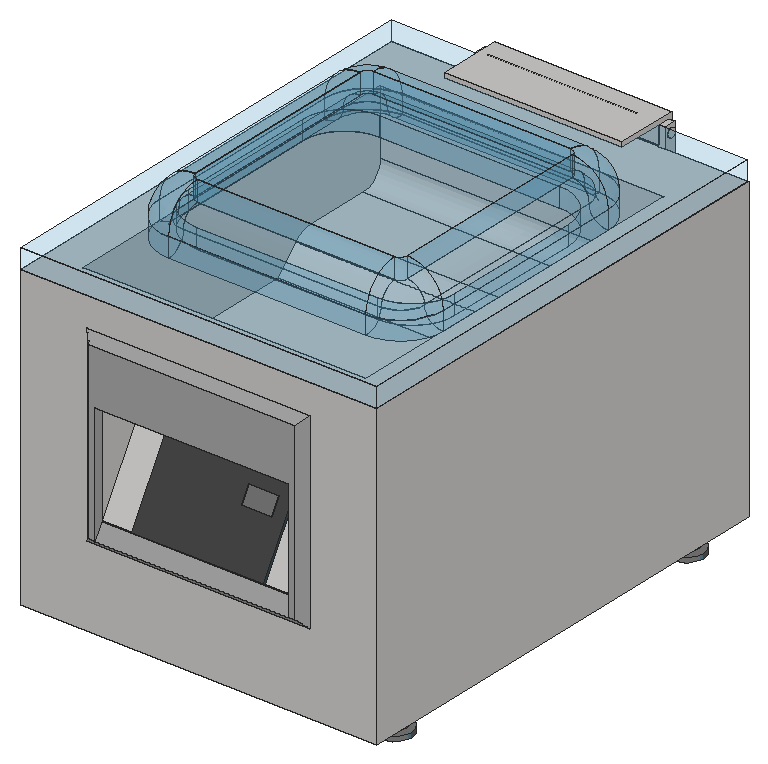
Revit family "QF_ELECTROLUXPROFESSIONAL_602179_EVP12D", category Specialty Equipment, Revit 2018
Family settings
  Round Connector Dimension = Use Diameter
  Part Type = Normal
  Work Plane-Based = No
  Always vertical = Yes
  Cut with Voids When Loaded = No
  Shared = No
  Room Calculation Point = No
Parameters
  Width = 415.0 mm
  Weight = 46.50 kg
  Watts = 0 W
  Volts = 0 V
  URL Manufacturer = ""
  URL = ""
  Steam Supply Size = 0 mm
  Steam Supply Minimum Pressure = 0.0 Pa
  Steam Supply Maximum Pressure = 0.0 Pa
  Steam Pounds per Hour = 0
  Refrigeration Suction Line Size = 0 mm
  Refrigeration Liquid Line Size = 0 mm
  Refrigerant Compressor Remote = yes
  Manufacturer = ""
  Phase = 0
  Model = ""
  Max_Height = 798.0 mm
  Length Actual = 415.0 mm  # constant formula
  Item Number = ""
  Hot Water Size = 0 mm
  Height Actual = 437.0 mm  # constant formula
  Height = 437.0 mm
  HP = "0.9 HP"
  Gas Size = 0 mm
  Gas KW = 0
  Gas Input Pressure = 0 W
  FeetLeft = 425.0 mm
  FeetFront = 356.0 mm
  Feet [instance] = 923.0 mm
  Direct Waste Size = 0 mm
  Description = ""
  Depth Actual = 587.0 mm  # constant formula
  Depth = 587.0 mm
  Cycle = 0 Hz
  Condensate Return Size = 0 mm
  Compressed Air Volume = 0.0 L/s
  Compressed Air Size = 0 mm
  Compressed Air Pressure = 0.0 Pa
  Cold Water Size = 0 mm
  Accessory = yes
Types (2, lengths in mm): name | Volts | URL Manufacturer | URL | Manufacturer | Model | Item Number | Description | Cycle
  (no name) | 0 V | "" | "" | "" | "" | "" | "" | 0 Hz
  Standard | 220 V | "http://professional.electrolux.com" | "http://professional.electrolux.com" | "Electrolux Professional" | "EVP12D" | "602179" | "VACUUM PACKER 12 M3/H, TABLE TOP, DIGITAL DISPLAY" | 60 Hz
Reference planes
  plane 1 "Center (Front/Back)": y = 0
  plane 2: z = 0
  plane 3 "Center (Left/Right)": x = 0
  plane 4 "LEFT": x = -207.5
  plane 5 "RIGHT": x = 207.5
  plane 6 "BACK": y = 285
  plane 7 "FRONT": y = -285
  plane 8 "Feet": z = 923
  plane 9 "TOP": z = 1337
  plane 10 "FeetY_Left": x = -178
  plane 11 "FeetX_Back": y = 212.5
  plane 12 "FeetX_Front": y = -212.5
  plane 13 "FeetY_Right": x = 178
  plane 14 "Cover": z = 1296
  plane 15 "PANEL": through (0, -188.368, 1189.413) normal (0, -0.8594, 0.5113)
  plane 16 "Pipe": y = 302
  plane 17 "PipeX": x = -194.407
  plane 18 "Open_MaxHeight": z = 1698
  plane 19 "Base": z = 900
Forms (mm)
  Revolve 1, solid, material "QF_Finishes_Rubber Black"
    sketch origin (-178, -374, 0) x (0, 1, 0) y (0, 0, 1)
      loop
        line (161.5, 900) -> (161.5, 923) -> (147.459, 923) -> (147.459, 908) -> (141.5, 905) -> (141.5, 900) -> (161.5, 900)
      axis (161.5, 923) -> (161.5, 900)
    angle from 0 to 360
  Revolve 2, solid, material "QF_Finishes_Rubber Black"
    sketch origin (178, 0, 0) x (0, 1, 0) y (0, 0, 1)
      loop
        line (-212.5, 900) -> (-212.5, 923) -> (-226.541, 923) -> (-226.541, 908) -> (-232.5, 905) -> (-232.5, 900) -> (-212.5, 900)
      axis (-212.5, 923) -> (-212.5, 900)
    angle from 0 to 360
  Revolve 3, solid, material "QF_Finishes_Rubber Black"
    sketch origin (-178, 0, 0) x (0, 1, 0) y (0, 0, 1)
      loop
        line (212.5, 900) -> (212.5, 923) -> (198.459, 923) -> (198.459, 908) -> (192.5, 905) -> (192.5, 900) -> (212.5, 900)
      axis (212.5, 923) -> (212.5, 900)
    angle from 0 to 360
  Revolve 4, solid, material "QF_Finishes_Rubber Black"
    sketch origin (178, 374, 0) x (0, 1, 0) y (0, 0, 1)
      loop
        line (-161.5, 900) -> (-161.5, 923) -> (-175.541, 923) -> (-175.541, 908) -> (-181.5, 905) -> (-181.5, 900) -> (-161.5, 900)
      axis (-161.5, 923) -> (-161.5, 900)
    angle from 0 to 360
  Extrusion 5, solid, material "QF_Finishes_Stainless Steel"
    sketch origin (0, 0, 0) x (1, 0, 0) y (0, 1, 0)
      loop
        line (-207.5, -275) -> (207.5, -275) -> (207.5, 266) -> (-207.5, 266) -> (-207.5, -275)
    from 923 to 1273
  Extrusion 6, solid, material "Glass"
    sketch origin (0, 0, 0) x (1, 0, 0) y (0, 1, 0)
      loop
        line (-207.5, -275) -> (207.5, -275) -> (207.5, 266) -> (-207.5, 266) -> (-207.5, -275)
      loop
        line (-155, 70) -> (-155, -95.5)
        arc (-155, -95.5) -> (-140.355, -130.855) -> (-105, -145.5) r 50
        line (-105, -145.5) -> (105.024, -145.5)
        arc (105.024, -145.5) -> (140.38, -130.855) -> (155.024, -95.5) r 50
        line (155.024, -95.5) -> (155.024, 70)
        arc (155.024, 70) -> (140.38, 105.355) -> (105.024, 120) r 50
        line (105.024, 120) -> (-105, 120)
        arc (-105, 120) -> (-140.355, 105.355) -> (-155, 70) r 50
    from 1296 to 1273
  Sweep 7, solid, material "Glass"
    path origin (0, 0, 1296) x (-1, 0, 0) y (0, -1, 0)
      loop
        arc (115, -165.5) -> (150.355, -150.855) -> (165, -115.5) r 50
        line (165, -115.5) -> (165, 124.5)
        arc (165, 124.5) -> (150.355, 159.855) -> (115, 174.5) r 50
        line (115, 174.5) -> (-115, 174.5)
        arc (-115, 174.5) -> (-150.355, 159.855) -> (-165, 124.5) r 50
        line (-165, 124.5) -> (-165, -115.5)
        arc (-165, -115.5) -> (-150.355, -150.855) -> (-115, -165.5) r 50
        line (-115, -165.5) -> (115, -165.5)
    profile origin (0, 165.5, 1296) x (0, 1, 0) y (0, 0, 1)
      loop
        line (0.024, -22.925) -> (0.024, -0.972)
        arc (0.024, -0.972) -> (-12.266, 28.699) -> (-41.936, 40.989) r 41.96
        line (-41.936, 40.989) -> (-41.936, 16.929)
        arc (-41.936, 16.929) -> (-27.767, 11.06) -> (-21.898, -3.109) r 20.038
        arc (-21.898, -3.109) -> (-15.074, -17.594) -> (0.024, -22.925) r 20.778
  Extrusion 8, void
    sketch origin (0, 0, 0) x (0, 1, 0) y (0, 0, 1)
      loop
        line (195.533, 1273) -> (-237.5, 1273) -> (-237.5, 1198)
        arc (-237.5, 1198) -> (-230.178, 1180.322) -> (-212.5, 1173) r 25
        line (-212.5, 1173) -> (-144.692, 1173)
        arc (-144.692, 1173) -> (-133.211, 1170.716) -> (-123.479, 1164.213) r 30
        line (-123.479, 1164.213) -> (-97.265, 1138) -> (47.265, 1138) -> (73.479, 1164.213)
        arc (73.479, 1164.213) -> (83.211, 1170.716) -> (94.692, 1173) r 30
        line (94.692, 1173) -> (170.533, 1173)
        arc (170.533, 1173) -> (188.211, 1180.322) -> (195.533, 1198) r 25
        line (195.533, 1198) -> (195.533, 1273)
    from -165.024 to 165.024
  Blend 9, solid, material "QF_Finishes_Gray"
    base sketch origin (10, -285, 0) x (-1, 0, 0) y (0, 0, 1)
      loop
        line (140, 1239.464) -> (-120, 1239.464) -> (-120, 1017) -> (140, 1017) -> (140, 1239.464)
    top sketch origin (10, -285, 0) x (-1, 0, 0) y (0, 0, 1)
      loop
        line (-110, 1229.464) -> (-110, 1027) -> (130, 1027) -> (130, 1229.464) -> (-110, 1229.464)
    from 10 to 0
  Extrusion 10, void
    sketch origin (0, 0, 0) x (0, 1, 0) y (0, 0, 1)
      loop
        line (-285, 1027) -> (-223.591, 1130.213) -> (-285, 1166.75) -> (-285, 1027)
    from -113 to 113
  Extrusion 11, solid, material "QF_Finishes_Stainless Steel"
    sketch origin (0, 0, 0) x (0, 1, 0) y (0, 0, 1)
      loop
        line (266, 1224.492) -> (280, 1224.492) -> (280, 1296) -> (266, 1296) -> (266, 1224.492)
    from -103 to -111
  Extrusion 12, solid, material "QF_Finishes_Stainless Steel"
    sketch origin (0, 0, 0) x (0, 1, 0) y (0, 0, 1)
      loop
        line (212.5, 1296) -> (266, 1296) -> (266, 1274.306) -> (285, 1274.306) -> (285, 1301) -> (212.5, 1301) -> (212.5, 1296)
      loop
        circle (273, 1287.774) r 5
    from -103 to 103
  Extrusion 13, solid, material "QF_Finishes_Stainless Steel"
    sketch origin (0, 0, 0) x (0, 1, 0) y (0, 0, 1)
      loop
        circle (273, 1287.774) r 5
    from 111 to 112.734
  Extrusion 14, solid, material "QF_Finishes_Stainless Steel"
    sketch origin (0, 0, 0) x (0, 1, 0) y (0, 0, -1)
      loop
        circle (273, -1287.774) r 5
    from 111 to 113.286
  Extrusion 15, solid, material "QF_Finishes_Stainless Steel"
    sketch origin (0, 0, 0) x (0, 1, 0) y (0, 0, 1)
      loop
        line (266, 1224.492) -> (280, 1224.492) -> (280, 1296) -> (266, 1296) -> (266, 1224.492)
    from 103 to 111
  Extrusion 16, solid, material "QF_Finishes_Stainless Steel"
    sketch origin (0, 285, 0) x (-1, 0, 0) y (0, 0, 1)
      loop
        circle (-185, 933) r 8
    from -19 to -17.4
  Sweep 17, solid, material "QF_Finishes_Stainless Steel"
    path origin (-194.407, 0, 0) x (0, -1, 0) y (0, 0, 1)
      loop
        line (-293.5, 1130.544) -> (-293.5, 1115.544)
        arc (-293.5, 1115.544) -> (-290.571, 1108.473) -> (-283.5, 1105.544) r 10
        line (-283.5, 1105.544) -> (-266, 1105.544)
    profile origin (-194.407, 293.5, 1123.044) x (-1, 0, 0) y (0, -1, 0)
      loop
        circle (0, 0) r 8.5
      loop
        circle (0, 0) r 7
  Extrusion 18, solid, material "QF_Door-Drawer Clearances", detail levels coarse
    sketch origin (-10, -193.063, 1228.659) x (1, 0, 0) y (0, 0.669131, -0.743145)
      loop
        line (-197.5, -275) -> (217.5, -275) -> (217.5, 266) -> (-197.5, 266) -> (-197.5, -275)
      loop
        line (-155, 70) -> (-155, -95.5)
        arc (-155, -95.5) -> (-140.355, -130.855) -> (-105, -145.5) r 50
        line (-105, -145.5) -> (125, -145.5)
        arc (125, -145.5) -> (160.355, -130.855) -> (175, -95.5) r 50
        line (175, -95.5) -> (175, 70)
        arc (175, 70) -> (160.355, 105.355) -> (125, 120) r 50
        line (125, 120) -> (-105, 120)
        arc (-105, 120) -> (-140.355, 105.355) -> (-155, 70) r 50
    from 396 to 373
  Sweep 19, solid, material "QF_Door-Drawer Clearances", detail levels coarse
    path origin (0, 101.222, 1493.635) x (0, -0.669131, 0.743145) y (-1, 0, 0)
      loop
        line (-165.5, 115) -> (-165.5, -115)
        arc (-165.5, -115) -> (-150.855, -150.355) -> (-115.5, -165) r 50
        line (-115.5, -165) -> (124.5, -165)
        arc (124.5, -165) -> (159.855, -150.355) -> (174.5, -115) r 50
        line (174.5, -115) -> (174.5, 115)
        arc (174.5, 115) -> (159.855, 150.355) -> (124.5, 165) r 50
        line (124.5, 165) -> (-115.5, 165)
        arc (-115.5, 165) -> (-150.855, 150.355) -> (-165.5, 115) r 50
    profile origin (0, 211.963, 1370.645) x (0, -0.669131, 0.743145) y (0, -0.743145, -0.669131)
      loop
        line (-0.01, 22.918) -> (-0.01, 0.001)
        arc (-0.01, 0.001) -> (9.97, -25.564) -> (33.899, -39.003) r 40.754
        line (33.899, -39.003) -> (41.915, -39.003) -> (41.915, -16.922)
        arc (41.915, -16.922) -> (27.753, -11.056) -> (21.886, 3.106) r 20.029
        arc (21.886, 3.106) -> (15.073, 17.582) -> (-0.01, 22.918) r 20.768
  Extrusion 20, solid, material "Glass"
    sketch origin (10, 0, 1296) x (-1, 0, 0) y (0, -1, 0)
      loop
        line (133.064, -115.5) -> (133.064, 124.5)
        arc (133.064, 124.5) -> (130.702, 130.202) -> (125, 132.564) r 8.064
        line (125, 132.564) -> (-105, 132.564)
        arc (-105, 132.564) -> (-110.702, 130.202) -> (-113.064, 124.5) r 8.064
        line (-113.064, 124.5) -> (-113.064, -115.5)
        arc (-113.064, -115.5) -> (-110.702, -121.202) -> (-105, -123.564) r 8.064
        line (-105, -123.564) -> (125, -123.564)
        arc (125, -123.564) -> (130.702, -121.202) -> (133.064, -115.5) r 8.064
    from 41 to 16.929
Cuts and joins
  Extrusion 8, Extrusion 10 cuts Extrusion 5
  Extrusion 10 cuts Blend 9
Lines and regions (mm)
  symbolic lines
    curve 1: line (207.5, -275, 1296) -> (-207.5, -275, 1296)
    curve 2: line (-130, -285, 1296) -> (-140, -275, 1296)
    curve 3: line (110, -285, 1296) -> (-130, -285, 1296)
    curve 4: line (207.5, 266, 1296) -> (207.5, -275, 1296)
    curve 5: line (-207.5, -275, 1296) -> (-207.5, 266, 1296)
    curve 6: line (-103, 285, 1296) -> (103, 285, 1296)
    curve 7: line (103, 280, 1296) -> (111, 280, 1296)
    curve 8: line (-103, 285, 1296) -> (-103, 212.5, 1296)
    curve 9: line (103, 285, 1296) -> (103, 212.5, 1296)
    curve 10: line (111, 280, 1296) -> (111, 266, 1296)
    curve 11: line (-207.5, 266, 1296) -> (-103, 266, 1296)
    curve 12: line (203, 267.6, 1296) -> (177, 267.6, 1296)
    curve 13: line (177, 267.6, 1296) -> (177, 266, 1296)
    curve 14: line (203, 267.6, 1296) -> (203, 266, 1296)
    curve 15: line (103, 212.5, 1296) -> (-103, 212.5, 1296)
    curve 16: line (103, 266, 1296) -> (207.5, 266, 1296)
    curve 17: circle (-194.407, 293.5, 1296) r 8.5 normal (0, 0, 1)
    curve 18: circle (-194.407, 293.5, 1296) r 7 normal (0, 0, -1)
    curve 19: line (-202.907, 293.5, 1296) -> (-202.907, 266, 1296)
    curve 20: line (-185.907, 293.5, 1296) -> (-185.907, 266, 1296)
    curve 21: line (165.024, 115.5, 1296) -> (165.024, -124.5, 1296)
    curve 22: arc (-115, -174.524, 1296) -> (-150.372, -159.872, 1296) -> (-165.024, -124.5, 1296) r 50.024
    curve 23: arc (165.024, -124.5, 1296) -> (150.372, -159.872, 1296) -> (115, -174.524, 1296) r 50.024
    curve 24: line (115, -174.524, 1296) -> (-115, -174.524, 1296)
    curve 25: arc (115, 165.524, 1296) -> (150.372, 150.872, 1296) -> (165.024, 115.5, 1296) r 50.024
    curve 26: line (-115, 165.524, 1296) -> (115, 165.524, 1296)
    curve 27: arc (-165.024, 115.5, 1296) -> (-150.372, 150.872, 1296) -> (-115, 165.524, 1296) r 50.024
    curve 28: line (-165.024, 115.5, 1296) -> (-165.024, -124.5, 1296)
    curve 29: line (-103, 280, 1296) -> (-111, 280, 1296)
    curve 30: line (-111, 280, 1296) -> (-111, 266, 1296)
    curve 31: line (120, -275, 1296) -> (110, -285, 1296)
Dimensions and locks
  "Width": plane 4 "LEFT" to plane 5 "RIGHT"
  equal spacing: plane 4 "LEFT", plane 3 "Center (Left/Right)", plane 5 "RIGHT"
  equal spacing: plane 6 "BACK", plane 1 "Center (Front/Back)", plane 7 "FRONT"
  plane 6 "BACK" to plane 7 "FRONT" = 570.0 mm
  "FeetFront": plane 10 "FeetY_Left" to plane 13 "FeetY_Right"
  "FeetLeft": plane 11 "FeetX_Back" to plane 12 "FeetX_Front"
  equal spacing: plane 11 "FeetX_Back", plane 1 "Center (Front/Back)", plane 12 "FeetX_Front"
  "Depth": plane 7 "FRONT" to plane 16 "Pipe"
  plane 19 "Base" to level = 900.0 mm
  plane 8 "Feet" to plane 19 "Base" = 23.0 mm
  "Height": plane 9 "TOP" to plane 19 "Base"
  "Max_Height": plane 18 "Open_MaxHeight" to plane 19 "Base"
  aligned and locked: level to plane 2
  aligned and locked: plane 8 "Feet" to Extrusion 5
  aligned and locked: Revolve 1 sketch curve to plane 19 "Base"
  aligned and locked: Revolve 3 sketch curve to plane 19 "Base"
Automatic sketch dimensions
  Revolve 1 sketch curve to plane 8 "Feet" = 0.0 mm
  Revolve 1 sketch curve to plane 12 "FeetX_Front" = 0.0 mm  (x2)
  Revolve 1 sketch curve to plane 12 "FeetX_Front" = 14.041 mm
  level to Revolve 1 sketch curve = 905.0 mm
  Revolve 1 sketch curve to Revolve 1 sketch curve = 5.959 mm
  Revolve 1 sketch curve to Revolve 1 sketch curve = 3.0 mm
  Revolve 1 sketch curve to Revolve 1 sketch curve = 906.921 mm
  Revolve 1 sketch curve to Revolve 1 sketch curve = 8.067 mm
  level to Revolve 2 sketch curve = 900.0 mm
  Revolve 2 sketch curve to plane 8 "Feet" = 0.0 mm
  Revolve 2 sketch curve to plane 12 "FeetX_Front" = 0.0 mm  (x2)
  Revolve 2 sketch curve to plane 12 "FeetX_Front" = 14.041 mm
  level to Revolve 2 sketch curve = 905.0 mm
  Revolve 2 sketch curve to Revolve 2 sketch curve = 5.959 mm
  Revolve 2 sketch curve to Revolve 2 sketch curve = 3.0 mm
  Revolve 2 sketch curve to Revolve 2 sketch curve = 906.921 mm
  Revolve 2 sketch curve to Revolve 2 sketch curve = 8.067 mm
  Revolve 3 sketch curve to plane 8 "Feet" = 0.0 mm
  Revolve 3 sketch curve to plane 11 "FeetX_Back" = 0.0 mm  (x2)
  Revolve 3 sketch curve to plane 11 "FeetX_Back" = 14.041 mm
  level to Revolve 3 sketch curve = 905.0 mm
  Revolve 3 sketch curve to Revolve 3 sketch curve = 5.959 mm
  Revolve 3 sketch curve to Revolve 3 sketch curve = 3.0 mm
  Revolve 3 sketch curve to Revolve 3 sketch curve = 906.921 mm
  Revolve 3 sketch curve to Revolve 3 sketch curve = 8.067 mm
  level to Revolve 4 sketch curve = 900.0 mm
  Revolve 4 sketch curve to plane 8 "Feet" = 0.0 mm
  Revolve 4 sketch curve to plane 11 "FeetX_Back" = 0.0 mm  (x2)
  Revolve 4 sketch curve to plane 11 "FeetX_Back" = 14.041 mm
  level to Revolve 4 sketch curve = 905.0 mm
  Revolve 4 sketch curve to Revolve 4 sketch curve = 5.959 mm
  Revolve 4 sketch curve to Revolve 4 sketch curve = 3.0 mm
  Revolve 4 sketch curve to Revolve 4 sketch curve = 906.921 mm
  plane 8 "Feet" to Revolve 4 sketch curve = 8.067 mm
  Extrusion 5 sketch curve to plane 4 "LEFT" = 0.0 mm
  Extrusion 5 sketch curve to plane 5 "RIGHT" = 0.0 mm
  plane 7 "FRONT" to Extrusion 5 sketch curve = 10.0 mm
  Extrusion 5 sketch curve to plane 6 "BACK" = 19.0 mm
  Extrusion 6 sketch curve to plane 4 "LEFT" = 0.0 mm
  Extrusion 6 sketch curve to plane 5 "RIGHT" = 0.0 mm
  plane 10 "FeetY_Left" to Extrusion 6 sketch curve = 23.0 mm
  Extrusion 6 sketch curve to Extrusion 6 sketch curve = 50.0 mm
  plane 10 "FeetY_Left" to Extrusion 6 sketch curve = 73.0 mm
  Extrusion 6 sketch curve to plane 13 "FeetY_Right" = 72.976 mm  (x2)
  Extrusion 6 sketch curve to plane 13 "FeetY_Right" = 22.976 mm
  plane 7 "FRONT" to Extrusion 6 sketch curve = 10.0 mm
  plane 12 "FeetX_Front" to Extrusion 6 sketch curve = 67.0 mm
  Extrusion 6 sketch curve to plane 1 "Center (Front/Back)" = 70.0 mm
  Extrusion 6 sketch curve to plane 6 "BACK" = 19.0 mm
  Sweep 7 sketch curve to plane 13 "FeetY_Right" = 13.0 mm
  Sweep 7 sketch curve to plane 11 "FeetX_Back" = 47.0 mm
  Sweep 7 sketch curve to plane 13 "FeetY_Right" = 63.0 mm  (x2)
  plane 12 "FeetX_Front" to Sweep 7 sketch curve = 38.0 mm
  plane 10 "FeetY_Left" to Sweep 7 sketch curve = 63.0 mm  (x2)
  plane 10 "FeetY_Left" to Sweep 7 sketch curve = 13.0 mm
  Extrusion 8 sketch curve to plane 12 "FeetX_Front" = 0.0 mm
  Extrusion 8 sketch curve to plane 12 "FeetX_Front" = 25.0 mm
  Extrusion 8 sketch curve to Extrusion 8 sketch curve = 67.808 mm
  Extrusion 8 sketch curve to Extrusion 8 sketch curve = 21.213 mm  (x4)
  Extrusion 8 sketch curve to Extrusion 8 sketch curve = 26.213 mm  (x2)
  Extrusion 8 sketch curve to plane 1 "Center (Front/Back)" = 47.265 mm
  Extrusion 8 sketch curve to plane 11 "FeetX_Back" = 41.967 mm
  Extrusion 8 sketch curve to plane 11 "FeetX_Back" = 16.967 mm
  plane 14 "Cover" to Extrusion 8 sketch curve = 158.0 mm
  Extrusion 8 sketch curve to Extrusion 8 sketch curve = 5.0 mm  (x2)
  plane 14 "Cover" to Extrusion 8 sketch curve = 23.0 mm
  plane 14 "Cover" to Extrusion 11 sketch curve = 0.0 mm
  Extrusion 11 sketch curve to plane 6 "BACK" = 19.0 mm
  Extrusion 11 sketch curve to plane 6 "BACK" = 5.0 mm
  Extrusion 11 sketch curve to Extrusion 11 sketch curve = 71.508 mm
  plane 14 "Cover" to Extrusion 12 sketch curve = 0.0 mm
  Extrusion 12 sketch curve to plane 6 "BACK" = 0.0 mm
  Extrusion 12 sketch curve to plane 6 "BACK" = 12.0 mm
  Extrusion 12 sketch curve to Extrusion 12 sketch curve = 7.0 mm
  Extrusion 12 sketch curve to plane 11 "FeetX_Back" = 0.0 mm
  plane 14 "Cover" to Extrusion 12 sketch curve = 8.226 mm
  Extrusion 12 sketch curve to Extrusion 12 sketch curve = 13.468 mm
  Extrusion 12 sketch curve to plane 14 "Cover" = 5.0 mm
  Extrusion 13 sketch curve to plane 6 "BACK" = 12.0 mm
  plane 14 "Cover" to Extrusion 13 sketch curve = 8.226 mm
  Extrusion 14 sketch curve to plane 6 "BACK" = 12.0 mm
  plane 14 "Cover" to Extrusion 14 sketch curve = 8.226 mm
  plane 14 "Cover" to Extrusion 15 sketch curve = 0.0 mm
  Extrusion 15 sketch curve to plane 6 "BACK" = 19.0 mm
  Extrusion 15 sketch curve to plane 6 "BACK" = 5.0 mm
  Extrusion 15 sketch curve to Extrusion 15 sketch curve = 71.508 mm
  plane 13 "FeetY_Right" to Extrusion 16 sketch curve = 7.0 mm
  plane 8 "Feet" to Extrusion 16 sketch curve = 10.0 mm
  plane 6 "BACK" to Sweep 17 sketch curve = 8.5 mm
  Sweep 17 sketch curve to plane 6 "BACK" = 1.5 mm
  plane 8 "Feet" to Sweep 17 sketch curve = 182.544 mm
  Sweep 17 sketch curve to Sweep 17 sketch curve = 17.5 mm
  Sweep 17 sketch curve to Sweep 17 sketch curve = 15.0 mm
  Sweep 17 sketch curve to Sweep 17 sketch curve = 0.0 mm  (x2)
  Sweep 17 sketch curve to plane 17 "PipeX" = 0.0 mm
  Sweep 17 sketch curve to profile plane = 0.0 mm
  plane 4 "LEFT" to Extrusion 18 sketch curve = 0.0 mm
  plane 5 "RIGHT" to Extrusion 18 sketch curve = 0.0 mm
  plane 10 "FeetY_Left" to Extrusion 18 sketch curve = 13.0 mm
  Extrusion 18 sketch curve to Extrusion 18 sketch curve = 50.0 mm
  plane 10 "FeetY_Left" to Extrusion 18 sketch curve = 63.0 mm
  Extrusion 18 sketch curve to plane 13 "FeetY_Right" = 63.0 mm  (x2)
  Extrusion 18 sketch curve to plane 13 "FeetY_Right" = 13.0 mm
  Extrusion 18 sketch curve to Extrusion 18 sketch curve = 129.5 mm
  Extrusion 18 sketch curve to Extrusion 18 sketch curve = 165.5 mm
  Extrusion 18 sketch curve to Extrusion 18 sketch curve = 146.0 mm
  plane 10 "FeetY_Left" to Sweep 19 sketch curve = 63.0 mm  (x2)
  Sweep 19 sketch curve to plane 13 "FeetY_Right" = 13.0 mm
  Sweep 19 sketch curve to Sweep 19 sketch curve = 50.0 mm  (x2)
  Sweep 19 sketch curve to Sweep 19 sketch curve = 240.0 mm
  Sweep 19 sketch curve to Sweep 19 sketch curve = 0.0 mm
  profile plane to Sweep 19 sketch curve = 0.001 mm
  profile plane to Sweep 19 sketch curve = 0.01 mm
  Sweep 19 sketch curve to profile plane = 1.139 mm
  Sweep 19 sketch curve to profile plane = 33.899 mm
  profile plane to Sweep 19 sketch curve = 1.175 mm
  Sweep 19 sketch curve to Sweep 19 sketch curve = 39.588 mm
  Sweep 19 sketch curve to Sweep 19 sketch curve = 1.188 mm
  Sweep 19 sketch curve to profile plane = 16.922 mm
  profile plane to Sweep 19 sketch curve = 2.182 mm
  Sweep 19 sketch curve to Sweep 19 sketch curve = 1.932 mm
  Blend 9 sketch curve to plane 13 "FeetY_Right" = 58.0 mm
  plane 10 "FeetY_Left" to Blend 9 sketch curve = 58.0 mm
  plane 8 "Feet" to Blend 9 sketch curve = 104.0 mm
  plane 14 "Cover" to Blend 9 sketch curve = 66.536 mm
  plane 10 "FeetY_Left" to Blend 9 sketch curve = 48.0 mm
  plane 8 "Feet" to Blend 9 sketch curve = 94.0 mm
  Blend 9 sketch curve to plane 13 "FeetY_Right" = 48.0 mm
  plane 14 "Cover" to Blend 9 sketch curve = 56.536 mm
  curve 17 to curve 18 = 0.0 mm  (x2)
  curve 4 to plane 5 "RIGHT" = 0.0 mm
  curve 3 to plane 7 "FRONT" = 0.0 mm
  curve 6 to plane 6 "BACK" = 0.0 mm
  curve 18 to plane 17 "PipeX" = 0.0 mm
  curve 11 to plane 4 "LEFT" = 0.0 mm
  curve 12 to plane 5 "RIGHT" = 4.5 mm
  curve 12 to plane 13 "FeetY_Right" = 1.0 mm
  curve 21 to plane 13 "FeetY_Right" = 12.976 mm
  curve 23 to curve 24 = 50.024 mm
  curve 21 to curve 25 = 50.024 mm
  curve 10 to plane 6 "BACK" = 5.0 mm
  curve 10 to plane 13 "FeetY_Right" = 67.0 mm
  curve 7 to curve 6 = 8.0 mm
  plane 10 "FeetY_Left" to curve 6 = 75.0 mm
  curve 29 to curve 29 = 8.0 mm
  plane 10 "FeetY_Left" to curve 24 = 63.0 mm
  plane 10 "FeetY_Left" to curve 27 = 63.0 mm
  plane 10 "FeetY_Left" to curve 2 = 48.0 mm
  plane 10 "FeetY_Left" to curve 28 = 12.976 mm
  plane 6 "BACK" to curve 17 = 8.5 mm
  curve 30 to plane 6 "BACK" = 5.0 mm
  curve 14 to plane 6 "BACK" = 17.4 mm
  curve 11 to plane 6 "BACK" = 19.0 mm
  curve 12 to curve 16 = 1.6 mm
  curve 15 to plane 11 "FeetX_Back" = 0.0 mm
  curve 9 to curve 26 = 46.976 mm
  plane 12 "FeetX_Front" to curve 23 = 88.0 mm
  plane 7 "FRONT" to curve 1 = 10.0 mm
  curve 31 to plane 13 "FeetY_Right" = 58.0 mm
  curve 31 to curve 3 = 10.0 mm
  curve 2 to curve 2 = 10.0 mm
  curve 20 to plane 10 "FeetY_Left" = 7.907 mm
  curve 19 to curve 17 = 0.0 mm
  curve 17 to curve 20 = 0.0 mm
  plane 10 "FeetY_Left" to Extrusion 20 sketch curve = 63.0 mm
  Extrusion 20 sketch curve to plane 11 "FeetX_Back" = 88.936 mm
  Extrusion 20 sketch curve to Extrusion 20 sketch curve = 8.064 mm  (x4)
  plane 12 "FeetX_Front" to Extrusion 20 sketch curve = 88.0 mm
  Extrusion 20 sketch curve to plane 13 "FeetY_Right" = 63.0 mm
  plane 14 "Cover" to Sweep 7 sketch curve = 0.972 mm
  profile plane to Sweep 7 sketch curve = 41.936 mm
  profile plane to Sweep 7 sketch curve = 1.141 mm
  Sweep 7 sketch curve to profile plane = 0.024 mm
  Sweep 7 sketch curve to Sweep 7 sketch curve = 1.208 mm
  Sweep 7 sketch curve to Sweep 7 sketch curve = 2.137 mm
  Sweep 7 sketch curve to Sweep 7 sketch curve = 20.745 mm
  Extrusion 10 sketch curve to plane 7 "FRONT" = 0.0 mm
  Extrusion 10 sketch curve to plane 12 "FeetX_Front" = 11.091 mm
  Extrusion 10 sketch curve to plane 15 "PANEL" = 0.0 mm  (x2)
  radius of Extrusion 12 sketch curve = 5.0 mm
  radius of Extrusion 13 sketch curve = 5.0 mm
  radius of Extrusion 14 sketch curve = 5.0 mm
  radius of Extrusion 16 sketch curve = 8.0 mm
  radius of Sweep 17 sketch curve = 8.5 mm
  radius of Sweep 17 sketch curve = 7.0 mm
  radius of curve 18 = 7.0 mm
Nested families
  nested 1: "QF_EVP_PANEL" at (0.008, -249.157, 1087.243) x (1, 0, 0) z (0, -0.8594, 0.5113), type "QF_EVP_PANEL"
Connectors
  electrical at (185, 267.6, 933), driven by "Volts"
    settings: on Extrusion 16, index 1, voltage 0 V, apparent load 0 VA, apparent load phase1 0 VA, apparent load phase2 0 VA, apparent load phase3 0 VA, power factor 1, load classification "Other", number of poles 1, system type 30, power factor state 1, is connector primary yes, connector utility no, sub classification motor no, connector description "Electrical Connection"
  piping at (-194.407, 293.5, 1130.544), diameter 17
    settings: on Sweep 17, index 2, connector inside diameter 609.6 mm, connector length 0.0 mm, flow factor 0, pipe flow 0.0 L/s, pressure drop 0.0 Pa, fitting loss kfactor 0, connector angle 0.00°, fixture units 0, engagement length 0.0 mm, angle of deflection 0.00°, flow configuration 1, flow direction 1, fitting loss method 0, system type 22, joint type 0, gender type 0, connector reference index -1, connector utility 0, adjustable connector no, is connector primary yes, connector description "Inert Gas Connection"
Definition of nested family "QF_EVP_PANEL"
  Parameters
    Default Elevation = 1219.2 mm
  Reference planes
    plane 1 "Center (Front/Back)": y = 0
    plane 2: z = 0
    plane 3 "Center (Left/Right)": x = 0
    plane 4: y = 50
    plane 5: y = -50
    plane 6: x = -77
    plane 7: x = 77
  Forms (mm)
    Extrusion 1, solid
      sketch origin (0, 0, 0) x (1, 0, 0) y (0, 1, 0)
        loop
          line (-1219.2, 1219.2) -> (-1219.2, -1219.2) -> (1219.2, -1219.2) -> (1219.2, 1219.2) -> (-1219.2, 1219.2)
      from 0 to -304.8
    Extrusion 2, solid
      sketch origin (0, 0, 0) x (1, 0, 0) y (0, 1, 0)
        loop
          line (26.572, 30) -> (26.572, 10) -> (61.572, 10) -> (61.572, 30) -> (26.572, 30)
        loop
          line (77, 50) -> (-77, 50) -> (-77, -50) -> (77, -50) -> (77, 50)
      from 0 to 1.6
    Extrusion 3, solid
      sketch origin (0, 0, 0) x (1, 0, 0) y (0, 1, 0)
        loop
          line (26.572, 30) -> (26.572, 10) -> (61.572, 10) -> (61.572, 30) -> (26.572, 30)
      from 0 to 1.6
  Dimensions and locks
    plane 6 to plane 7 = 154.0 mm
    plane 4 to plane 5 = 100.0 mm
    aligned and locked: plane 2 to Extrusion 1
    aligned and locked: level to Extrusion 1
